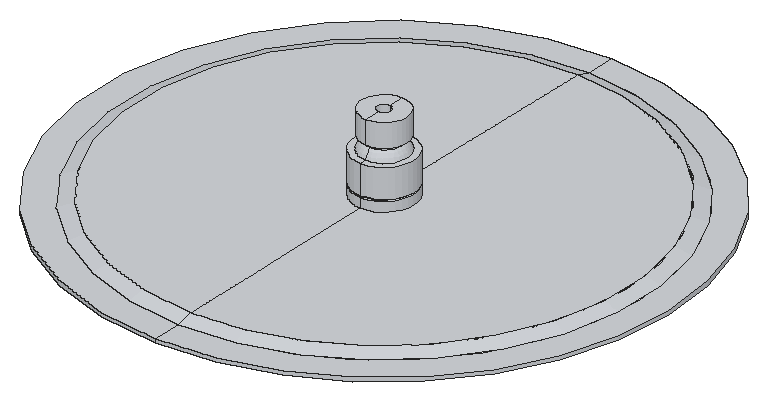
Revit family "BRG-GRF-DCH_ Briggs Reg. Red. Slim Inox Cr 30 cm", category Aparatos sanitarios, Revit 2020
Family settings
  Cota de conector redondo = Diámetro de uso
  Tipo de pieza = Normal
  Número OmniClass = 23.45.00.00
  Título OmniClass = Sanitary, Laundry, and Cleaning Equipment
  Se basa en plano de trabajo = No
  Siempre vertical = Sí
  Corte con vacíos al cargar = No
  Compartido = Sí
  Punto de cálculo de habitación = Sí
Parameters (values of type "REGADERA REDONDA SLIM 30 CM")
  _EDESA_ Sku/código = "SG0080023061CW"
  _EDESA_ Materiales = "Latón"
  _EDESA_ Garantía = "De por vida para el cuerpo principal y acabado en cromo (306)"
  _EDESA_ Cumple normativa ADA = ""
  _EDESA_ Contacto comercial = "(02) 395 2900"
  _EDESA_ Conexión hidráulica = "Entrada de agua: tubería ø 1/2\""
  _EDESA_ Certificación = "Cumple con norma NTE - INEN 3123 basada en la norma ASME 112.18.1 - 2012."
  _EDESA_ Productos necesarios para instalación = "Brazo de ducha"
  _EDESA_ Productos incluídos = ""
  _EDESA_ Color = "cromo"
  _EDESA_ Descripción = "Rejilla de piso decorativa."
  _EDESA_ Peso en kg = "1.8 kg"
  _EDESA_ Consumo/capacidad de agua en L = "9.5 litros por minuto / 2.5 gpm"
  _EDESA_ Distancia de instalación en cm (muro terminado) = "0"
  _EDESA_ Tipo de instalación = "Con brazo de ducha"
  _EDESA_ Profundidad en cm = "ø 30"
  _EDESA_ Categoría = "Productos > Grifería > Ducha"
  _EDESA_ BIM Manager = "Arq. Milton Ruano"
  _EDESA_ Autor BIM = "www.bimplus.com.ec (bimplus.arquitectura.integrada@gmail.com)"
  _EDESA_ Ancho en cm = ""
  _EDESA_ Alto en cm = "5.4"
  _EDESA_ Manual de Instalación = "https://www.briggs.com.ec/productos/instructivos/Briggs/Griferia/Regaderas_slim.pdf"
  _EDESA_ Nombre = "REGADERA REDONDA SLIM 30 CM"
  _ALT_Eje instalación = 0.60 m
  _ALT_Basamento = 0.85 m
  URL = "https://www.briggs.com.ec/productos/fichastecnicaspdf/Briggs/Griferia/Regadera_redonda_slim_30.pdf"
  Model = ""
  Type Image = (empty or 0)
  Fabricante = "BRIGGS Ecuador"
  Elevación por defecto = 0.00 m
  Conexión de ventilación = yes
  Conexión de residuos = yes
  Conexión AF = yes
  Conexión AC = yes
Reference planes (m)
  plane 1 "Centro (Frontal/Posterior)": y = 0
  plane 2: z = 0
  plane 3 "Centro (Izquierda/Derecha)": x = 0
Dimensions and locks (m)
  aligned and locked: level to plane 2
  aligned and locked: plane 3 "Centro (Izquierda/Derecha)" to nested 1
  aligned and locked: plane 1 "Centro (Frontal/Posterior)" to nested 1
Nested families (m)
  nested 1: "REJILLA" at (0, 0, 0), type "REJILLA"
Connectors (m)
  piping at (0, 0, 0), diameter 0.0127
    settings: on nested 1, index 1, connector inside diameter 609.6 mm, connector length 0.00 m, flow factor 0, pipe flow 0.0 L/s, pressure drop 0.0 Pa, fitting loss kfactor 0, connector angle 0.00°, fixture units 0, engagement length 0.00 m, angle of deflection 0.00°, flow configuration 0, flow direction 1, fitting loss method 0, system type 7, joint type 0, gender type 0, connector reference index -1, connector utility 0, adjustable connector no, is connector primary yes, connector description ""
Definition of nested family "REJILLA"
  Parameters (values of type "REJILLA")
    _EDESA_tipo genérico = "Inodoro"
    _EDESA_URL de ficha técnica = "https://edesa.com.ec/productos/fichastecnicaspdf/Edesa/Sanitarios/Andes.pdf"
    _EDESA_Imagen = 0
    _EDESA_Fábrica nacional = "EDESA Ecuador"
    _EDESA_Código de producto = "JS0022641301CE"
    _EDESA_ Tolerancia dimensional = "± 3% > 20 cm ± 5% < 20 cm"
    _EDESA_ Tipo de montaje / instalación = "30.5 cm"
    _EDESA_ Superficie del agua = "15.5 cm x 18.8 cm"
    _EDESA_ SKU = "JS0022641301CE"
    _EDESA_ Material secundario = "Plástico blanco"
    _EDESA_ Material principal = "Porcelana tono verde mist"
    _EDESA_ Altura = 72.80 m
    _EDESA_ Peso = "23.20 Kg"
    _EDESA_ Nivel mínimo del agua del tanque = "17.5 cm"
    _EDESA_ Largo = 67.50 m
    _EDESA_ Espesor mínimo = "0.6 cm"
    _EDESA_ Diámetro trampa = "4.8 cm"
    _EDESA_ Color = "Blanco"
    _EDESA_ Categoria = "Two pieces"
    _EDESA_ Capacidad / consumo de agua = "4.8 litros"
    _EDESA_ Ancho = 36.50 m
    _EDESA_ Altura de sello = "N/A"
    _ALT_Toma = 0.60 m
    _ALT_Meson = 0.85 m
    URL = "https://edesa.com.ec/productos/fichastecnicaspdf/Edesa/Sanitarios/Andes.pdf"
    Model = "_Edesa_ INODORO ANDES C/A BLANCO"
    Type Image = element 397381
    Manufacturer = "EDESA Ecuador"
    Default Elevation = 0.00 m
    Vent Connection = no
    Waste Connection = no
    CW Connection = no
    HW Connection = no
  Reference planes (m)
    plane 1 "Centro (Frontal/Posterior)": y = 0
    plane 2: z = 0
    plane 3 "Centro (Izquierda/Derecha)": x = 0
    plane 4 "_Alt_Altura de Meson": z = 0.85
    plane 5 "Centro I/E": z = 0.946565
    plane 6 "_RP_Eje": z = 0.6
  Forms (m)
    Revolve 1, solid
      sketch origin (0, 0, 0) x (0, 1, 0) y (0, 0, 1)
        loop
          line (0, -0.0445) -> (0.15, -0.0445) -> (0.15, -0.0425) -> (0.135, -0.0425) -> (0.1275, -0.04) -> (0.0155, -0.04) -> (0.0155, -0.035) -> (0.014314, -0.035) -> (0.014314, -0.034) -> (0.0155, -0.034) -> (0.0155, -0.019) -> (0.012, -0.019)
          arc (0.012, -0.019) -> (0.010905, -0.016389) -> (0.00925, -0.014092) r 0.0125
          line (0.00925, -0.014092) -> (0.00925, -0.012) -> (0.01175, -0.012) -> (0.01175, 0) -> (0.0035, 0) -> (0.0035, -0.005) -> (0, -0.005) -> (0, -0.0445)
        axis (0, -0.0445) -> (0, 0)
      angle from 0 to 360
    SweptBlend 2, solid
      path origin (-0.034028, 0.021274, 0) x (-0.309017, -0.951057, 0) y (0, 0, 1)
        loop
          line (-0.110116, -0.047486) -> (-0.110116, -0.0445)
      profile origin (0, 0.126, -0.047486) x (0.309017, 0.951057, 0) y (-0.951057, 0.309017, 0)
        loop
          circle (0, 0) r 0.0015
      end profile origin (0, 0.126, -0.0445) x (0.309017, 0.951057, 0) y (-0.951057, 0.309017, 0)
        loop
          circle (0, 0) r 0.0025
    SweptBlend 3, solid
      path origin (-0.037205, 0.015042, 0) x (-0.139173, -0.990268, 0) y (0, 0, 1)
        loop
          line (-0.110116, -0.047486) -> (-0.110116, -0.0445)
      profile origin (-0.02188, 0.124086, -0.047486) x (0.139173, 0.990268, 0) y (-0.990268, 0.139173, 0)
        loop
          circle (0, 0) r 0.0015
      end profile origin (-0.02188, 0.124086, -0.0445) x (0.139173, 0.990268, 0) y (-0.990268, 0.139173, 0)
        loop
          circle (0, 0) r 0.0025
    SweptBlend 4, solid
      path origin (-0.029816, 0.02686, 0) x (-0.469472, -0.882948, 0) y (0, 0, 1)
        loop
          line (-0.110116, -0.047486) -> (-0.110116, -0.0445)
      profile origin (0.02188, 0.124086, -0.047486) x (0.469472, 0.882948, 0) y (-0.882948, 0.469472, 0)
        loop
          circle (0, 0) r 0.0015
      end profile origin (0.02188, 0.124086, -0.0445) x (0.469472, 0.882948, 0) y (-0.882948, 0.469472, 0)
        loop
          circle (0, 0) r 0.0025
    SweptBlend 5, solid
      path origin (-0.024699, 0.031629, 0) x (-0.615661, -0.788011, 0) y (0, 0, 1)
        loop
          line (-0.110116, -0.047486) -> (-0.110116, -0.0445)
      profile origin (0.043095, 0.118401, -0.047486) x (0.615661, 0.788011, 0) y (-0.788011, 0.615661, 0)
        loop
          circle (0, 0) r 0.0015
      end profile origin (0.043095, 0.118401, -0.0445) x (0.615661, 0.788011, 0) y (-0.788011, 0.615661, 0)
        loop
          circle (0, 0) r 0.0025
    SweptBlend 6, solid
      path origin (-0.018832, 0.035438, 0) x (-0.743145, -0.669131, 0) y (0, 0, 1)
        loop
          line (-0.110116, -0.047486) -> (-0.110116, -0.0445)
      profile origin (0.063, 0.109119, -0.047486) x (0.743145, 0.669131, 0) y (-0.669131, 0.743145, 0)
        loop
          circle (0, 0) r 0.0015
      end profile origin (0.063, 0.109119, -0.0445) x (0.743145, 0.669131, 0) y (-0.669131, 0.743145, 0)
        loop
          circle (0, 0) r 0.0025
    SweptBlend 7, solid
      path origin (-0.012392, 0.038169, 0) x (-0.848048, -0.529919, 0) y (0, 0, 1)
        loop
          line (-0.110116, -0.047486) -> (-0.110116, -0.0445)
      profile origin (0.080991, 0.096522, -0.047486) x (0.848048, 0.529919, 0) y (-0.529919, 0.848048, 0)
        loop
          circle (0, 0) r 0.0015
      end profile origin (0.080991, 0.096522, -0.0445) x (0.848048, 0.529919, 0) y (-0.529919, 0.848048, 0)
        loop
          circle (0, 0) r 0.0025
    SweptBlend 8, solid
      path origin (-0.005576, 0.039741, 0) x (-0.927184, -0.374607, 0) y (0, 0, 1)
        loop
          line (-0.110116, -0.047486) -> (-0.110116, -0.0445)
      profile origin (0.096522, 0.080991, -0.047486) x (0.927184, 0.374607, 0) y (-0.374607, 0.927184, 0)
        loop
          circle (0, 0) r 0.0015
      end profile origin (0.096522, 0.080991, -0.0445) x (0.927184, 0.374607, 0) y (-0.374607, 0.927184, 0)
        loop
          circle (0, 0) r 0.0025
    SweptBlend 9, solid
      path origin (0.00141, 0.040106, 0) x (-0.978148, -0.207912, 0) y (0, 0, 1)
        loop
          line (-0.110116, -0.047486) -> (-0.110116, -0.0445)
      profile origin (0.109119, 0.063, -0.047486) x (0.978148, 0.207912, 0) y (-0.207912, 0.978148, 0)
        loop
          circle (0, 0) r 0.0015
      end profile origin (0.109119, 0.063, -0.0445) x (0.978148, 0.207912, 0) y (-0.207912, 0.978148, 0)
        loop
          circle (0, 0) r 0.0025
    SweptBlend 10, solid
      path origin (0.008353, 0.039252, 0) x (-0.999391, -0.034899, 0) y (0, 0, 1)
        loop
          line (-0.110116, -0.047486) -> (-0.110116, -0.0445)
      profile origin (0.118401, 0.043095, -0.047486) x (0.999391, 0.034899, 0) y (-0.034899, 0.999391, 0)
        loop
          circle (0, 0) r 0.0015
      end profile origin (0.118401, 0.043095, -0.0445) x (0.999391, 0.034899, 0) y (-0.034899, 0.999391, 0)
        loop
          circle (0, 0) r 0.0025
    SweptBlend 11, solid
      path origin (0.015042, 0.037205, 0) x (-0.990268, 0.139173, 0) y (0, 0, 1)
        loop
          line (-0.110116, -0.047486) -> (-0.110116, -0.0445)
      profile origin (0.124086, 0.02188, -0.047486) x (0.990268, -0.139173, 0) y (0.139173, 0.990268, 0)
        loop
          circle (0, 0) r 0.0015
      end profile origin (0.124086, 0.02188, -0.0445) x (0.990268, -0.139173, 0) y (0.139173, 0.990268, 0)
        loop
          circle (0, 0) r 0.0025
    SweptBlend 12, solid
      path origin (0.021274, 0.034028, 0) x (-0.951057, 0.309017, 0) y (0, 0, 1)
        loop
          line (-0.110116, -0.047486) -> (-0.110116, -0.0445)
      profile origin (0.126, 0, -0.047486) x (0.951057, -0.309017, 0) y (0.309017, 0.951057, 0)
        loop
          circle (0, 0) r 0.0015
      end profile origin (0.126, 0, -0.0445) x (0.951057, -0.309017, 0) y (0.309017, 0.951057, 0)
        loop
          circle (0, 0) r 0.0025
    SweptBlend 13, solid
      path origin (0.02686, 0.029816, 0) x (-0.882948, 0.469472, 0) y (0, 0, 1)
        loop
          line (-0.110116, -0.047486) -> (-0.110116, -0.0445)
      profile origin (0.124086, -0.02188, -0.047486) x (0.882948, -0.469472, 0) y (0.469472, 0.882948, 0)
        loop
          circle (0, 0) r 0.0015
      end profile origin (0.124086, -0.02188, -0.0445) x (0.882948, -0.469472, 0) y (0.469472, 0.882948, 0)
        loop
          circle (0, 0) r 0.0025
    SweptBlend 14, solid
      path origin (0.031629, 0.024699, 0) x (-0.788011, 0.615661, 0) y (0, 0, 1)
        loop
          line (-0.110116, -0.047486) -> (-0.110116, -0.0445)
      profile origin (0.118401, -0.043095, -0.047486) x (0.788011, -0.615661, 0) y (0.615661, 0.788011, 0)
        loop
          circle (0, 0) r 0.0015
      end profile origin (0.118401, -0.043095, -0.0445) x (0.788011, -0.615661, 0) y (0.615661, 0.788011, 0)
        loop
          circle (0, 0) r 0.0025
    SweptBlend 15, solid
      path origin (0.035438, 0.018832, 0) x (-0.669131, 0.743145, 0) y (0, 0, 1)
        loop
          line (-0.110116, -0.047486) -> (-0.110116, -0.0445)
      profile origin (0.109119, -0.063, -0.047486) x (0.669131, -0.743145, 0) y (0.743145, 0.669131, 0)
        loop
          circle (0, 0) r 0.0015
      end profile origin (0.109119, -0.063, -0.0445) x (0.669131, -0.743145, 0) y (0.743145, 0.669131, 0)
        loop
          circle (0, 0) r 0.0025
    SweptBlend 16, solid
      path origin (0.038169, 0.012392, 0) x (-0.529919, 0.848048, 0) y (0, 0, 1)
        loop
          line (-0.110116, -0.047486) -> (-0.110116, -0.0445)
      profile origin (0.096522, -0.080991, -0.047486) x (0.529919, -0.848048, 0) y (0.848048, 0.529919, 0)
        loop
          circle (0, 0) r 0.0015
      end profile origin (0.096522, -0.080991, -0.0445) x (0.529919, -0.848048, 0) y (0.848048, 0.529919, 0)
        loop
          circle (0, 0) r 0.0025
    SweptBlend 17, solid
      path origin (0.039741, 0.005576, 0) x (-0.374607, 0.927184, 0) y (0, 0, 1)
        loop
          line (-0.110116, -0.047486) -> (-0.110116, -0.0445)
      profile origin (0.080991, -0.096522, -0.047486) x (0.374607, -0.927184, 0) y (0.927184, 0.374607, 0)
        loop
          circle (0, 0) r 0.0015
      end profile origin (0.080991, -0.096522, -0.0445) x (0.374607, -0.927184, 0) y (0.927184, 0.374607, 0)
        loop
          circle (0, 0) r 0.0025
    SweptBlend 18, solid
      path origin (0.040106, -0.00141, 0) x (-0.207912, 0.978148, 0) y (0, 0, 1)
        loop
          line (-0.110116, -0.047486) -> (-0.110116, -0.0445)
      profile origin (0.063, -0.109119, -0.047486) x (0.207912, -0.978148, 0) y (0.978148, 0.207912, 0)
        loop
          circle (0, 0) r 0.0015
      end profile origin (0.063, -0.109119, -0.0445) x (0.207912, -0.978148, 0) y (0.978148, 0.207912, 0)
        loop
          circle (0, 0) r 0.0025
    SweptBlend 19, solid
      path origin (0.039252, -0.008353, 0) x (-0.034899, 0.999391, 0) y (0, 0, 1)
        loop
          line (-0.110116, -0.047486) -> (-0.110116, -0.0445)
      profile origin (0.043095, -0.118401, -0.047486) x (0.034899, -0.999391, 0) y (0.999391, 0.034899, 0)
        loop
          circle (0, 0) r 0.0015
      end profile origin (0.043095, -0.118401, -0.0445) x (0.034899, -0.999391, 0) y (0.999391, 0.034899, 0)
        loop
          circle (0, 0) r 0.0025
    SweptBlend 20, solid
      path origin (0.037205, -0.015042, 0) x (0.139173, 0.990268, 0) y (0, 0, 1)
        loop
          line (-0.110116, -0.047486) -> (-0.110116, -0.0445)
      profile origin (0.02188, -0.124086, -0.047486) x (-0.139173, -0.990268, 0) y (0.990268, -0.139173, 0)
        loop
          circle (0, 0) r 0.0015
      end profile origin (0.02188, -0.124086, -0.0445) x (-0.139173, -0.990268, 0) y (0.990268, -0.139173, 0)
        loop
          circle (0, 0) r 0.0025
    SweptBlend 21, solid
      path origin (0.034028, -0.021274, 0) x (0.309017, 0.951057, 0) y (0, 0, 1)
        loop
          line (-0.110116, -0.047486) -> (-0.110116, -0.0445)
      profile origin (0, -0.126, -0.047486) x (-0.309017, -0.951057, 0) y (0.951057, -0.309017, 0)
        loop
          circle (0, 0) r 0.0015
      end profile origin (0, -0.126, -0.0445) x (-0.309017, -0.951057, 0) y (0.951057, -0.309017, 0)
        loop
          circle (0, 0) r 0.0025
    SweptBlend 22, solid
      path origin (0.029816, -0.02686, 0) x (0.469472, 0.882948, 0) y (0, 0, 1)
        loop
          line (-0.110116, -0.047486) -> (-0.110116, -0.0445)
      profile origin (-0.02188, -0.124086, -0.047486) x (-0.469472, -0.882948, 0) y (0.882948, -0.469472, 0)
        loop
          circle (0, 0) r 0.0015
      end profile origin (-0.02188, -0.124086, -0.0445) x (-0.469472, -0.882948, 0) y (0.882948, -0.469472, 0)
        loop
          circle (0, 0) r 0.0025
    SweptBlend 23, solid
      path origin (0.024699, -0.031629, 0) x (0.615661, 0.788011, 0) y (0, 0, 1)
        loop
          line (-0.110116, -0.047486) -> (-0.110116, -0.0445)
      profile origin (-0.043095, -0.118401, -0.047486) x (-0.615661, -0.788011, 0) y (0.788011, -0.615661, 0)
        loop
          circle (0, 0) r 0.0015
      end profile origin (-0.043095, -0.118401, -0.0445) x (-0.615661, -0.788011, 0) y (0.788011, -0.615661, 0)
        loop
          circle (0, 0) r 0.0025
    SweptBlend 24, solid
      path origin (0.018832, -0.035438, 0) x (0.743145, 0.669131, 0) y (0, 0, 1)
        loop
          line (-0.110116, -0.047486) -> (-0.110116, -0.0445)
      profile origin (-0.063, -0.109119, -0.047486) x (-0.743145, -0.669131, 0) y (0.669131, -0.743145, 0)
        loop
          circle (0, 0) r 0.0015
      end profile origin (-0.063, -0.109119, -0.0445) x (-0.743145, -0.669131, 0) y (0.669131, -0.743145, 0)
        loop
          circle (0, 0) r 0.0025
    SweptBlend 25, solid
      path origin (0.012392, -0.038169, 0) x (0.848048, 0.529919, 0) y (0, 0, 1)
        loop
          line (-0.110116, -0.047486) -> (-0.110116, -0.0445)
      profile origin (-0.080991, -0.096522, -0.047486) x (-0.848048, -0.529919, 0) y (0.529919, -0.848048, 0)
        loop
          circle (0, 0) r 0.0015
      end profile origin (-0.080991, -0.096522, -0.0445) x (-0.848048, -0.529919, 0) y (0.529919, -0.848048, 0)
        loop
          circle (0, 0) r 0.0025
    SweptBlend 26, solid
      path origin (0.005576, -0.039741, 0) x (0.927184, 0.374607, 0) y (0, 0, 1)
        loop
          line (-0.110116, -0.047486) -> (-0.110116, -0.0445)
      profile origin (-0.096522, -0.080991, -0.047486) x (-0.927184, -0.374607, 0) y (0.374607, -0.927184, 0)
        loop
          circle (0, 0) r 0.0015
      end profile origin (-0.096522, -0.080991, -0.0445) x (-0.927184, -0.374607, 0) y (0.374607, -0.927184, 0)
        loop
          circle (0, 0) r 0.0025
    SweptBlend 27, solid
      path origin (-0.00141, -0.040106, 0) x (0.978148, 0.207912, 0) y (0, 0, 1)
        loop
          line (-0.110116, -0.047486) -> (-0.110116, -0.0445)
      profile origin (-0.109119, -0.063, -0.047486) x (-0.978148, -0.207912, 0) y (0.207912, -0.978148, 0)
        loop
          circle (0, 0) r 0.0015
      end profile origin (-0.109119, -0.063, -0.0445) x (-0.978148, -0.207912, 0) y (0.207912, -0.978148, 0)
        loop
          circle (0, 0) r 0.0025
    SweptBlend 28, solid
      path origin (-0.008353, -0.039252, 0) x (0.999391, 0.034899, 0) y (0, 0, 1)
        loop
          line (-0.110116, -0.047486) -> (-0.110116, -0.0445)
      profile origin (-0.118401, -0.043095, -0.047486) x (-0.999391, -0.034899, 0) y (0.034899, -0.999391, 0)
        loop
          circle (0, 0) r 0.0015
      end profile origin (-0.118401, -0.043095, -0.0445) x (-0.999391, -0.034899, 0) y (0.034899, -0.999391, 0)
        loop
          circle (0, 0) r 0.0025
    SweptBlend 29, solid
      path origin (-0.015042, -0.037205, 0) x (0.990268, -0.139173, 0) y (0, 0, 1)
        loop
          line (-0.110116, -0.047486) -> (-0.110116, -0.0445)
      profile origin (-0.124086, -0.02188, -0.047486) x (-0.990268, 0.139173, 0) y (-0.139173, -0.990268, 0)
        loop
          circle (0, 0) r 0.0015
      end profile origin (-0.124086, -0.02188, -0.0445) x (-0.990268, 0.139173, 0) y (-0.139173, -0.990268, 0)
        loop
          circle (0, 0) r 0.0025
    SweptBlend 30, solid
      path origin (-0.021274, -0.034028, 0) x (0.951057, -0.309017, 0) y (0, 0, 1)
        loop
          line (-0.110116, -0.047486) -> (-0.110116, -0.0445)
      profile origin (-0.126, 0, -0.047486) x (-0.951057, 0.309017, 0) y (-0.309017, -0.951057, 0)
        loop
          circle (0, 0) r 0.0015
      end profile origin (-0.126, 0, -0.0445) x (-0.951057, 0.309017, 0) y (-0.309017, -0.951057, 0)
        loop
          circle (0, 0) r 0.0025
    SweptBlend 31, solid
      path origin (-0.02686, -0.029816, 0) x (0.882948, -0.469472, 0) y (0, 0, 1)
        loop
          line (-0.110116, -0.047486) -> (-0.110116, -0.0445)
      profile origin (-0.124086, 0.02188, -0.047486) x (-0.882948, 0.469472, 0) y (-0.469472, -0.882948, 0)
        loop
          circle (0, 0) r 0.0015
      end profile origin (-0.124086, 0.02188, -0.0445) x (-0.882948, 0.469472, 0) y (-0.469472, -0.882948, 0)
        loop
          circle (0, 0) r 0.0025
    SweptBlend 32, solid
      path origin (-0.031629, -0.024699, 0) x (0.788011, -0.615661, 0) y (0, 0, 1)
        loop
          line (-0.110116, -0.047486) -> (-0.110116, -0.0445)
      profile origin (-0.118401, 0.043095, -0.047486) x (-0.788011, 0.615661, 0) y (-0.615661, -0.788011, 0)
        loop
          circle (0, 0) r 0.0015
      end profile origin (-0.118401, 0.043095, -0.0445) x (-0.788011, 0.615661, 0) y (-0.615661, -0.788011, 0)
        loop
          circle (0, 0) r 0.0025
    SweptBlend 33, solid
      path origin (-0.035438, -0.018832, 0) x (0.669131, -0.743145, 0) y (0, 0, 1)
        loop
          line (-0.110116, -0.047486) -> (-0.110116, -0.0445)
      profile origin (-0.109119, 0.063, -0.047486) x (-0.669131, 0.743145, 0) y (-0.743145, -0.669131, 0)
        loop
          circle (0, 0) r 0.0015
      end profile origin (-0.109119, 0.063, -0.0445) x (-0.669131, 0.743145, 0) y (-0.743145, -0.669131, 0)
        loop
          circle (0, 0) r 0.0025
    SweptBlend 34, solid
      path origin (-0.038169, -0.012392, 0) x (0.529919, -0.848048, 0) y (0, 0, 1)
        loop
          line (-0.110116, -0.047486) -> (-0.110116, -0.0445)
      profile origin (-0.096522, 0.080991, -0.047486) x (-0.529919, 0.848048, 0) y (-0.848048, -0.529919, 0)
        loop
          circle (0, 0) r 0.0015
      end profile origin (-0.096522, 0.080991, -0.0445) x (-0.529919, 0.848048, 0) y (-0.848048, -0.529919, 0)
        loop
          circle (0, 0) r 0.0025
    SweptBlend 35, solid
      path origin (-0.039741, -0.005576, 0) x (0.374607, -0.927184, 0) y (0, 0, 1)
        loop
          line (-0.110116, -0.047486) -> (-0.110116, -0.0445)
      profile origin (-0.080991, 0.096522, -0.047486) x (-0.374607, 0.927184, 0) y (-0.927184, -0.374607, 0)
        loop
          circle (0, 0) r 0.0015
      end profile origin (-0.080991, 0.096522, -0.0445) x (-0.374607, 0.927184, 0) y (-0.927184, -0.374607, 0)
        loop
          circle (0, 0) r 0.0025
    SweptBlend 36, solid
      path origin (-0.040106, 0.00141, 0) x (0.207912, -0.978148, 0) y (0, 0, 1)
        loop
          line (-0.110116, -0.047486) -> (-0.110116, -0.0445)
      profile origin (-0.063, 0.109119, -0.047486) x (-0.207912, 0.978148, 0) y (-0.978148, -0.207912, 0)
        loop
          circle (0, 0) r 0.0015
      end profile origin (-0.063, 0.109119, -0.0445) x (-0.207912, 0.978148, 0) y (-0.978148, -0.207912, 0)
        loop
          circle (0, 0) r 0.0025
    SweptBlend 37, solid
      path origin (-0.039252, 0.008353, 0) x (0.034899, -0.999391, 0) y (0, 0, 1)
        loop
          line (-0.110116, -0.047486) -> (-0.110116, -0.0445)
      profile origin (-0.043095, 0.118401, -0.047486) x (-0.034899, 0.999391, 0) y (-0.999391, -0.034899, 0)
        loop
          circle (0, 0) r 0.0015
      end profile origin (-0.043095, 0.118401, -0.0445) x (-0.034899, 0.999391, 0) y (-0.999391, -0.034899, 0)
        loop
          circle (0, 0) r 0.0025
    SweptBlend 38, solid
      path origin (-0.034028, -0.019726, 0) x (-0.309017, -0.951057, 0) y (0, 0, 1)
        loop
          line (-0.110116, -0.047486) -> (-0.110116, -0.0445)
      profile origin (0, 0.085, -0.047486) x (0.309017, 0.951057, 0) y (-0.951057, 0.309017, 0)
        loop
          circle (0, 0) r 0.0015
      end profile origin (0, 0.085, -0.0445) x (0.309017, 0.951057, 0) y (-0.951057, 0.309017, 0)
        loop
          circle (0, 0) r 0.0025
    SweptBlend 39, solid
      path origin (-0.034028, -0.061726, 0) x (-0.309017, -0.951057, 0) y (0, 0, 1)
        loop
          line (-0.110116, -0.047486) -> (-0.110116, -0.0445)
      profile origin (0, 0.043, -0.047486) x (0.309017, 0.951057, 0) y (-0.951057, 0.309017, 0)
        loop
          circle (0, 0) r 0.0015
      end profile origin (0, 0.043, -0.0445) x (0.309017, 0.951057, 0) y (-0.951057, 0.309017, 0)
        loop
          circle (0, 0) r 0.0025
    SweptBlend 40, solid
      path origin (-0.027763, -0.027861, 0) x (-0.052336, -0.99863, 0) y (0, 0, 1)
        loop
          line (-0.110116, -0.047486) -> (-0.110116, -0.0445)
      profile origin (-0.022, 0.082104, -0.047486) x (0.052336, 0.99863, 0) y (-0.99863, 0.052336, 0)
        loop
          circle (0, 0) r 0.0015
      end profile origin (-0.022, 0.082104, -0.0445) x (0.052336, 0.99863, 0) y (-0.99863, 0.052336, 0)
        loop
          circle (0, 0) r 0.0025
    SweptBlend 41, solid
      path origin (-0.037974, -0.010247, 0) x (-0.544639, -0.838671, 0) y (0, 0, 1)
        loop
          line (-0.110116, -0.047486) -> (-0.110116, -0.0445)
      profile origin (0.022, 0.082104, -0.047486) x (0.544639, 0.838671, 0) y (-0.838671, 0.544639, 0)
        loop
          circle (0, 0) r 0.0015
      end profile origin (0.022, 0.082104, -0.0445) x (0.544639, 0.838671, 0) y (-0.838671, 0.544639, 0)
        loop
          circle (0, 0) r 0.0025
    SweptBlend 42, solid
      path origin (-0.039332, -0.00007, 0) x (-0.743145, -0.669131, 0) y (0, 0, 1)
        loop
          line (-0.110116, -0.047486) -> (-0.110116, -0.0445)
      profile origin (0.0425, 0.073612, -0.047486) x (0.743145, 0.669131, 0) y (-0.669131, 0.743145, 0)
        loop
          circle (0, 0) r 0.0015
      end profile origin (0.0425, 0.073612, -0.0445) x (0.743145, 0.669131, 0) y (-0.669131, 0.743145, 0)
        loop
          circle (0, 0) r 0.0025
    SweptBlend 43, solid
      path origin (-0.03801, 0.010113, 0) x (-0.891007, -0.45399, 0) y (0, 0, 1)
        loop
          line (-0.110116, -0.047486) -> (-0.110116, -0.0445)
      profile origin (0.060104, 0.060104, -0.047486) x (0.891007, 0.45399, 0) y (-0.45399, 0.891007, 0)
        loop
          circle (0, 0) r 0.0015
      end profile origin (0.060104, 0.060104, -0.0445) x (0.891007, 0.45399, 0) y (-0.45399, 0.891007, 0)
        loop
          circle (0, 0) r 0.0025
    SweptBlend 44, solid
      path origin (-0.034097, 0.019606, 0) x (-0.978148, -0.207912, 0) y (0, 0, 1)
        loop
          line (-0.110116, -0.047486) -> (-0.110116, -0.0445)
      profile origin (0.073612, 0.0425, -0.047486) x (0.978148, 0.207912, 0) y (-0.207912, 0.978148, 0)
        loop
          circle (0, 0) r 0.0015
      end profile origin (0.073612, 0.0425, -0.0445) x (0.978148, 0.207912, 0) y (-0.207912, 0.978148, 0)
        loop
          circle (0, 0) r 0.0025
    SweptBlend 45, solid
      path origin (-0.027861, 0.027763, 0) x (-0.99863, 0.052336, 0) y (0, 0, 1)
        loop
          line (-0.110116, -0.047486) -> (-0.110116, -0.0445)
      profile origin (0.082104, 0.022, -0.047486) x (0.99863, -0.052336, 0) y (0.052336, 0.99863, 0)
        loop
          circle (0, 0) r 0.0015
      end profile origin (0.082104, 0.022, -0.0445) x (0.99863, -0.052336, 0) y (0.052336, 0.99863, 0)
        loop
          circle (0, 0) r 0.0025
    SweptBlend 46, solid
      path origin (-0.019726, 0.034028, 0) x (-0.951057, 0.309017, 0) y (0, 0, 1)
        loop
          line (-0.110116, -0.047486) -> (-0.110116, -0.0445)
      profile origin (0.085, 0, -0.047486) x (0.951057, -0.309017, 0) y (0.309017, 0.951057, 0)
        loop
          circle (0, 0) r 0.0015
      end profile origin (0.085, 0, -0.0445) x (0.951057, -0.309017, 0) y (0.309017, 0.951057, 0)
        loop
          circle (0, 0) r 0.0025
    SweptBlend 47, solid
      path origin (-0.010247, 0.037974, 0) x (-0.838671, 0.544639, 0) y (0, 0, 1)
        loop
          line (-0.110116, -0.047486) -> (-0.110116, -0.0445)
      profile origin (0.082104, -0.022, -0.047486) x (0.838671, -0.544639, 0) y (0.544639, 0.838671, 0)
        loop
          circle (0, 0) r 0.0015
      end profile origin (0.082104, -0.022, -0.0445) x (0.838671, -0.544639, 0) y (0.544639, 0.838671, 0)
        loop
          circle (0, 0) r 0.0025
    SweptBlend 48, solid
      path origin (-0.00007, 0.039332, 0) x (-0.669131, 0.743145, 0) y (0, 0, 1)
        loop
          line (-0.110116, -0.047486) -> (-0.110116, -0.0445)
      profile origin (0.073612, -0.0425, -0.047486) x (0.669131, -0.743145, 0) y (0.743145, 0.669131, 0)
        loop
          circle (0, 0) r 0.0015
      end profile origin (0.073612, -0.0425, -0.0445) x (0.669131, -0.743145, 0) y (0.743145, 0.669131, 0)
        loop
          circle (0, 0) r 0.0025
    SweptBlend 49, solid
      path origin (0.010113, 0.03801, 0) x (-0.45399, 0.891007, 0) y (0, 0, 1)
        loop
          line (-0.110116, -0.047486) -> (-0.110116, -0.0445)
      profile origin (0.060104, -0.060104, -0.047486) x (0.45399, -0.891007, 0) y (0.891007, 0.45399, 0)
        loop
          circle (0, 0) r 0.0015
      end profile origin (0.060104, -0.060104, -0.0445) x (0.45399, -0.891007, 0) y (0.891007, 0.45399, 0)
        loop
          circle (0, 0) r 0.0025
    SweptBlend 50, solid
      path origin (0.019606, 0.034097, 0) x (-0.207912, 0.978148, 0) y (0, 0, 1)
        loop
          line (-0.110116, -0.047486) -> (-0.110116, -0.0445)
      profile origin (0.0425, -0.073612, -0.047486) x (0.207912, -0.978148, 0) y (0.978148, 0.207912, 0)
        loop
          circle (0, 0) r 0.0015
      end profile origin (0.0425, -0.073612, -0.0445) x (0.207912, -0.978148, 0) y (0.978148, 0.207912, 0)
        loop
          circle (0, 0) r 0.0025
    SweptBlend 51, solid
      path origin (0.027763, 0.027861, 0) x (0.052336, 0.99863, 0) y (0, 0, 1)
        loop
          line (-0.110116, -0.047486) -> (-0.110116, -0.0445)
      profile origin (0.022, -0.082104, -0.047486) x (-0.052336, -0.99863, 0) y (0.99863, -0.052336, 0)
        loop
          circle (0, 0) r 0.0015
      end profile origin (0.022, -0.082104, -0.0445) x (-0.052336, -0.99863, 0) y (0.99863, -0.052336, 0)
        loop
          circle (0, 0) r 0.0025
    SweptBlend 52, solid
      path origin (0.034028, 0.019726, 0) x (0.309017, 0.951057, 0) y (0, 0, 1)
        loop
          line (-0.110116, -0.047486) -> (-0.110116, -0.0445)
      profile origin (0, -0.085, -0.047486) x (-0.309017, -0.951057, 0) y (0.951057, -0.309017, 0)
        loop
          circle (0, 0) r 0.0015
      end profile origin (0, -0.085, -0.0445) x (-0.309017, -0.951057, 0) y (0.951057, -0.309017, 0)
        loop
          circle (0, 0) r 0.0025
    SweptBlend 53, solid
      path origin (0.037974, 0.010247, 0) x (0.544639, 0.838671, 0) y (0, 0, 1)
        loop
          line (-0.110116, -0.047486) -> (-0.110116, -0.0445)
      profile origin (-0.022, -0.082104, -0.047486) x (-0.544639, -0.838671, 0) y (0.838671, -0.544639, 0)
        loop
          circle (0, 0) r 0.0015
      end profile origin (-0.022, -0.082104, -0.0445) x (-0.544639, -0.838671, 0) y (0.838671, -0.544639, 0)
        loop
          circle (0, 0) r 0.0025
    SweptBlend 54, solid
      path origin (0.039332, 0.00007, 0) x (0.743145, 0.669131, 0) y (0, 0, 1)
        loop
          line (-0.110116, -0.047486) -> (-0.110116, -0.0445)
      profile origin (-0.0425, -0.073612, -0.047486) x (-0.743145, -0.669131, 0) y (0.669131, -0.743145, 0)
        loop
          circle (0, 0) r 0.0015
      end profile origin (-0.0425, -0.073612, -0.0445) x (-0.743145, -0.669131, 0) y (0.669131, -0.743145, 0)
        loop
          circle (0, 0) r 0.0025
    SweptBlend 55, solid
      path origin (0.03801, -0.010113, 0) x (0.891007, 0.45399, 0) y (0, 0, 1)
        loop
          line (-0.110116, -0.047486) -> (-0.110116, -0.0445)
      profile origin (-0.060104, -0.060104, -0.047486) x (-0.891007, -0.45399, 0) y (0.45399, -0.891007, 0)
        loop
          circle (0, 0) r 0.0015
      end profile origin (-0.060104, -0.060104, -0.0445) x (-0.891007, -0.45399, 0) y (0.45399, -0.891007, 0)
        loop
          circle (0, 0) r 0.0025
    SweptBlend 56, solid
      path origin (0.034097, -0.019606, 0) x (0.978148, 0.207912, 0) y (0, 0, 1)
        loop
          line (-0.110116, -0.047486) -> (-0.110116, -0.0445)
      profile origin (-0.073612, -0.0425, -0.047486) x (-0.978148, -0.207912, 0) y (0.207912, -0.978148, 0)
        loop
          circle (0, 0) r 0.0015
      end profile origin (-0.073612, -0.0425, -0.0445) x (-0.978148, -0.207912, 0) y (0.207912, -0.978148, 0)
        loop
          circle (0, 0) r 0.0025
    SweptBlend 57, solid
      path origin (0.027861, -0.027763, 0) x (0.99863, -0.052336, 0) y (0, 0, 1)
        loop
          line (-0.110116, -0.047486) -> (-0.110116, -0.0445)
      profile origin (-0.082104, -0.022, -0.047486) x (-0.99863, 0.052336, 0) y (-0.052336, -0.99863, 0)
        loop
          circle (0, 0) r 0.0015
      end profile origin (-0.082104, -0.022, -0.0445) x (-0.99863, 0.052336, 0) y (-0.052336, -0.99863, 0)
        loop
          circle (0, 0) r 0.0025
    SweptBlend 58, solid
      path origin (0.019726, -0.034028, 0) x (0.951057, -0.309017, 0) y (0, 0, 1)
        loop
          line (-0.110116, -0.047486) -> (-0.110116, -0.0445)
      profile origin (-0.085, 0, -0.047486) x (-0.951057, 0.309017, 0) y (-0.309017, -0.951057, 0)
        loop
          circle (0, 0) r 0.0015
      end profile origin (-0.085, 0, -0.0445) x (-0.951057, 0.309017, 0) y (-0.309017, -0.951057, 0)
        loop
          circle (0, 0) r 0.0025
    SweptBlend 59, solid
      path origin (0.010247, -0.037974, 0) x (0.838671, -0.544639, 0) y (0, 0, 1)
        loop
          line (-0.110116, -0.047486) -> (-0.110116, -0.0445)
      profile origin (-0.082104, 0.022, -0.047486) x (-0.838671, 0.544639, 0) y (-0.544639, -0.838671, 0)
        loop
          circle (0, 0) r 0.0015
      end profile origin (-0.082104, 0.022, -0.0445) x (-0.838671, 0.544639, 0) y (-0.544639, -0.838671, 0)
        loop
          circle (0, 0) r 0.0025
    SweptBlend 60, solid
      path origin (0.00007, -0.039332, 0) x (0.669131, -0.743145, 0) y (0, 0, 1)
        loop
          line (-0.110116, -0.047486) -> (-0.110116, -0.0445)
      profile origin (-0.073612, 0.0425, -0.047486) x (-0.669131, 0.743145, 0) y (-0.743145, -0.669131, 0)
        loop
          circle (0, 0) r 0.0015
      end profile origin (-0.073612, 0.0425, -0.0445) x (-0.669131, 0.743145, 0) y (-0.743145, -0.669131, 0)
        loop
          circle (0, 0) r 0.0025
    SweptBlend 61, solid
      path origin (-0.010113, -0.03801, 0) x (0.45399, -0.891007, 0) y (0, 0, 1)
        loop
          line (-0.110116, -0.047486) -> (-0.110116, -0.0445)
      profile origin (-0.060104, 0.060104, -0.047486) x (-0.45399, 0.891007, 0) y (-0.891007, -0.45399, 0)
        loop
          circle (0, 0) r 0.0015
      end profile origin (-0.060104, 0.060104, -0.0445) x (-0.45399, 0.891007, 0) y (-0.891007, -0.45399, 0)
        loop
          circle (0, 0) r 0.0025
    SweptBlend 62, solid
      path origin (-0.019606, -0.034097, 0) x (0.207912, -0.978148, 0) y (0, 0, 1)
        loop
          line (-0.110116, -0.047486) -> (-0.110116, -0.0445)
      profile origin (-0.0425, 0.073612, -0.047486) x (-0.207912, 0.978148, 0) y (-0.978148, -0.207912, 0)
        loop
          circle (0, 0) r 0.0015
      end profile origin (-0.0425, 0.073612, -0.0445) x (-0.207912, 0.978148, 0) y (-0.978148, -0.207912, 0)
        loop
          circle (0, 0) r 0.0025
    SweptBlend 63, solid
      path origin (0.001394, -0.07047, 0) x (0.207912, -0.978148, 0) y (0, 0, 1)
        loop
          line (-0.110116, -0.047486) -> (-0.110116, -0.0445)
      profile origin (-0.0215, 0.037239, -0.047486) x (-0.207912, 0.978148, 0) y (-0.978148, -0.207912, 0)
        loop
          circle (0, 0) r 0.0015
      end profile origin (-0.0215, 0.037239, -0.0445) x (-0.207912, 0.978148, 0) y (-0.978148, -0.207912, 0)
        loop
          circle (0, 0) r 0.0025
    SweptBlend 64, solid
      path origin (-0.060332, -0.036443, 0) x (-0.743145, -0.669131, 0) y (0, 0, 1)
        loop
          line (-0.110116, -0.047486) -> (-0.110116, -0.0445)
      profile origin (0.0215, 0.037239, -0.047486) x (0.743145, 0.669131, 0) y (-0.669131, 0.743145, 0)
        loop
          circle (0, 0) r 0.0015
      end profile origin (0.0215, 0.037239, -0.0445) x (0.743145, 0.669131, 0) y (-0.669131, 0.743145, 0)
        loop
          circle (0, 0) r 0.0025
    SweptBlend 65, solid
      path origin (-0.07047, -0.001394, 0) x (-0.978148, -0.207912, 0) y (0, 0, 1)
        loop
          line (-0.110116, -0.047486) -> (-0.110116, -0.0445)
      profile origin (0.037239, 0.0215, -0.047486) x (0.978148, 0.207912, 0) y (-0.207912, 0.978148, 0)
        loop
          circle (0, 0) r 0.0015
      end profile origin (0.037239, 0.0215, -0.0445) x (0.978148, 0.207912, 0) y (-0.207912, 0.978148, 0)
        loop
          circle (0, 0) r 0.0025
    SweptBlend 66, solid
      path origin (-0.061726, 0.034028, 0) x (-0.951057, 0.309017, 0) y (0, 0, 1)
        loop
          line (-0.110116, -0.047486) -> (-0.110116, -0.0445)
      profile origin (0.043, 0, -0.047486) x (0.951057, -0.309017, 0) y (0.309017, 0.951057, 0)
        loop
          circle (0, 0) r 0.0015
      end profile origin (0.043, 0, -0.0445) x (0.951057, -0.309017, 0) y (0.309017, 0.951057, 0)
        loop
          circle (0, 0) r 0.0025
    SweptBlend 67, solid
      path origin (-0.036443, 0.060332, 0) x (-0.669131, 0.743145, 0) y (0, 0, 1)
        loop
          line (-0.110116, -0.047486) -> (-0.110116, -0.0445)
      profile origin (0.037239, -0.0215, -0.047486) x (0.669131, -0.743145, 0) y (0.743145, 0.669131, 0)
        loop
          circle (0, 0) r 0.0015
      end profile origin (0.037239, -0.0215, -0.0445) x (0.669131, -0.743145, 0) y (0.743145, 0.669131, 0)
        loop
          circle (0, 0) r 0.0025
    SweptBlend 68, solid
      path origin (-0.001394, 0.07047, 0) x (-0.207912, 0.978148, 0) y (0, 0, 1)
        loop
          line (-0.110116, -0.047486) -> (-0.110116, -0.0445)
      profile origin (0.0215, -0.037239, -0.047486) x (0.207912, -0.978148, 0) y (0.978148, 0.207912, 0)
        loop
          circle (0, 0) r 0.0015
      end profile origin (0.0215, -0.037239, -0.0445) x (0.207912, -0.978148, 0) y (0.978148, 0.207912, 0)
        loop
          circle (0, 0) r 0.0025
    SweptBlend 69, solid
      path origin (0.034028, 0.061726, 0) x (0.309017, 0.951057, 0) y (0, 0, 1)
        loop
          line (-0.110116, -0.047486) -> (-0.110116, -0.0445)
      profile origin (0, -0.043, -0.047486) x (-0.309017, -0.951057, 0) y (0.951057, -0.309017, 0)
        loop
          circle (0, 0) r 0.0015
      end profile origin (0, -0.043, -0.0445) x (-0.309017, -0.951057, 0) y (0.951057, -0.309017, 0)
        loop
          circle (0, 0) r 0.0025
    SweptBlend 70, solid
      path origin (0.060332, 0.036443, 0) x (0.743145, 0.669131, 0) y (0, 0, 1)
        loop
          line (-0.110116, -0.047486) -> (-0.110116, -0.0445)
      profile origin (-0.0215, -0.037239, -0.047486) x (-0.743145, -0.669131, 0) y (0.669131, -0.743145, 0)
        loop
          circle (0, 0) r 0.0015
      end profile origin (-0.0215, -0.037239, -0.0445) x (-0.743145, -0.669131, 0) y (0.669131, -0.743145, 0)
        loop
          circle (0, 0) r 0.0025
    SweptBlend 71, solid
      path origin (0.07047, 0.001394, 0) x (0.978148, 0.207912, 0) y (0, 0, 1)
        loop
          line (-0.110116, -0.047486) -> (-0.110116, -0.0445)
      profile origin (-0.037239, -0.0215, -0.047486) x (-0.978148, -0.207912, 0) y (0.207912, -0.978148, 0)
        loop
          circle (0, 0) r 0.0015
      end profile origin (-0.037239, -0.0215, -0.0445) x (-0.978148, -0.207912, 0) y (0.207912, -0.978148, 0)
        loop
          circle (0, 0) r 0.0025
    SweptBlend 72, solid
      path origin (0.061726, -0.034028, 0) x (0.951057, -0.309017, 0) y (0, 0, 1)
        loop
          line (-0.110116, -0.047486) -> (-0.110116, -0.0445)
      profile origin (-0.043, 0, -0.047486) x (-0.951057, 0.309017, 0) y (-0.309017, -0.951057, 0)
        loop
          circle (0, 0) r 0.0015
      end profile origin (-0.043, 0, -0.0445) x (-0.951057, 0.309017, 0) y (-0.309017, -0.951057, 0)
        loop
          circle (0, 0) r 0.0025
    SweptBlend 73, solid
      path origin (0.036443, -0.060332, 0) x (0.669131, -0.743145, 0) y (0, 0, 1)
        loop
          line (-0.110116, -0.047486) -> (-0.110116, -0.0445)
      profile origin (-0.037239, 0.0215, -0.047486) x (-0.669131, 0.743145, 0) y (-0.743145, -0.669131, 0)
        loop
          circle (0, 0) r 0.0015
      end profile origin (-0.037239, 0.0215, -0.0445) x (-0.669131, 0.743145, 0) y (-0.743145, -0.669131, 0)
        loop
          circle (0, 0) r 0.0025
    SweptBlend 74, solid
      path origin (-0.023052, -0.000301, 0) x (-0.309017, -0.951057, 0) y (0, 0, 1)
        loop
          line (-0.110116, -0.047486) -> (-0.110116, -0.0445)
      profile origin (0.010975, 0.104425, -0.047486) x (0.309017, 0.951057, 0) y (-0.951057, 0.309017, 0)
        loop
          circle (0, 0) r 0.0015
      end profile origin (0.010975, 0.104425, -0.0445) x (0.309017, 0.951057, 0) y (-0.951057, 0.309017, 0)
        loop
          circle (0, 0) r 0.0025
    SweptBlend 75, solid
      path origin (-0.023088, -0.042683, 0) x (-0.309017, -0.951057, 0) y (0, 0, 1)
        loop
          line (-0.110116, -0.047486) -> (-0.110116, -0.0445)
      profile origin (0.01094, 0.062043, -0.047486) x (0.309017, 0.951057, 0) y (-0.951057, 0.309017, 0)
        loop
          circle (0, 0) r 0.0015
      end profile origin (0.01094, 0.062043, -0.0445) x (0.309017, 0.951057, 0) y (-0.951057, 0.309017, 0)
        loop
          circle (0, 0) r 0.0025
    SweptBlend 76, solid
      path origin (-0.022528, -0.084808, 0) x (-0.309017, -0.951057, 0) y (0, 0, 1)
        loop
          line (-0.110116, -0.047486) -> (-0.110116, -0.0445)
      profile origin (0.0115, 0.019919, -0.047486) x (0.309017, 0.951057, 0) y (-0.951057, 0.309017, 0)
        loop
          circle (0, 0) r 0.0015
      end profile origin (0.0115, 0.019919, -0.0445) x (0.309017, 0.951057, 0) y (-0.951057, 0.309017, 0)
        loop
          circle (0, 0) r 0.0025
    SweptBlend 77, solid
      path origin (-0.022486, -0.005088, 0) x (-0.104528, -0.994522, 0) y (0, 0, 1)
        loop
          line (-0.110116, -0.047486) -> (-0.110116, -0.0445)
      profile origin (-0.010975, 0.104425, -0.047486) x (0.104528, 0.994522, 0) y (-0.994522, 0.104528, 0)
        loop
          circle (0, 0) r 0.0015
      end profile origin (-0.010975, 0.104425, -0.0445) x (0.104528, 0.994522, 0) y (-0.994522, 0.104528, 0)
        loop
          circle (0, 0) r 0.0025
    SweptBlend 78, solid
      path origin (-0.022611, 0.004498, 0) x (-0.5, -0.866025, 0) y (0, 0, 1)
        loop
          line (-0.110116, -0.047486) -> (-0.110116, -0.0445)
      profile origin (0.032447, 0.099861, -0.047486) x (0.5, 0.866025, 0) y (-0.866025, 0.5, 0)
        loop
          circle (0, 0) r 0.0015
      end profile origin (0.032447, 0.099861, -0.0445) x (0.5, 0.866025, 0) y (-0.866025, 0.5, 0)
        loop
          circle (0, 0) r 0.0025
    SweptBlend 79, solid
      path origin (-0.021182, 0.009101, 0) x (-0.669131, -0.743145, 0) y (0, 0, 1)
        loop
          line (-0.110116, -0.047486) -> (-0.110116, -0.0445)
      profile origin (0.0525, 0.090933, -0.047486) x (0.669131, 0.743145, 0) y (-0.743145, 0.669131, 0)
        loop
          circle (0, 0) r 0.0015
      end profile origin (0.0525, 0.090933, -0.0445) x (0.669131, 0.743145, 0) y (-0.743145, 0.669131, 0)
        loop
          circle (0, 0) r 0.0025
    SweptBlend 80, solid
      path origin (-0.018827, 0.013306, 0) x (-0.809017, -0.587785, 0) y (0, 0, 1)
        loop
          line (-0.110116, -0.047486) -> (-0.110116, -0.0445)
      profile origin (0.070259, 0.07803, -0.047486) x (0.809017, 0.587785, 0) y (-0.587785, 0.809017, 0)
        loop
          circle (0, 0) r 0.0015
      end profile origin (0.070259, 0.07803, -0.0445) x (0.809017, 0.587785, 0) y (-0.587785, 0.809017, 0)
        loop
          circle (0, 0) r 0.0025
    SweptBlend 81, solid
      path origin (-0.015649, 0.016929, 0) x (-0.913545, -0.406737, 0) y (0, 0, 1)
        loop
          line (-0.110116, -0.047486) -> (-0.110116, -0.0445)
      profile origin (0.084947, 0.061717, -0.047486) x (0.913545, 0.406737, 0) y (-0.406737, 0.913545, 0)
        loop
          circle (0, 0) r 0.0015
      end profile origin (0.084947, 0.061717, -0.0445) x (0.913545, 0.406737, 0) y (-0.406737, 0.913545, 0)
        loop
          circle (0, 0) r 0.0025
    SweptBlend 82, solid
      path origin (-0.011787, 0.019813, 0) x (-0.978148, -0.207912, 0) y (0, 0, 1)
        loop
          line (-0.110116, -0.047486) -> (-0.110116, -0.0445)
      profile origin (0.095922, 0.042707, -0.047486) x (0.978148, 0.207912, 0) y (-0.207912, 0.978148, 0)
        loop
          circle (0, 0) r 0.0015
      end profile origin (0.095922, 0.042707, -0.0445) x (0.978148, 0.207912, 0) y (-0.207912, 0.978148, 0)
        loop
          circle (0, 0) r 0.0025
    SweptBlend 83, solid
      path origin (-0.00741, 0.021831, 0) x (-1, 0, 0) y (0, 0, 1)
        loop
          line (-0.110116, -0.047486) -> (-0.110116, -0.0445)
      profile origin (0.102705, 0.021831, -0.047486) x (1, 0, 0) y (0, 1, 0)
        loop
          circle (0, 0) r 0.0015
      end profile origin (0.102705, 0.021831, -0.0445) x (1, 0, 0) y (0, 1, 0)
        loop
          circle (0, 0) r 0.0025
    SweptBlend 84, solid
      path origin (-0.002709, 0.022894, 0) x (-0.978148, 0.207912, 0) y (0, 0, 1)
        loop
          line (-0.110116, -0.047486) -> (-0.110116, -0.0445)
      profile origin (0.105, 0, -0.047486) x (0.978148, -0.207912, 0) y (0.207912, 0.978148, 0)
        loop
          circle (0, 0) r 0.0015
      end profile origin (0.105, 0, -0.0445) x (0.978148, -0.207912, 0) y (0.207912, 0.978148, 0)
        loop
          circle (0, 0) r 0.0025
    SweptBlend 85, solid
      path origin (0.00211, 0.022957, 0) x (-0.913545, 0.406737, 0) y (0, 0, 1)
        loop
          line (-0.110116, -0.047486) -> (-0.110116, -0.0445)
      profile origin (0.102705, -0.021831, -0.047486) x (0.913545, -0.406737, 0) y (0.406737, 0.913545, 0)
        loop
          circle (0, 0) r 0.0015
      end profile origin (0.102705, -0.021831, -0.0445) x (0.913545, -0.406737, 0) y (0.406737, 0.913545, 0)
        loop
          circle (0, 0) r 0.0025
    SweptBlend 86, solid
      path origin (0.006837, 0.022017, 0) x (-0.809017, 0.587785, 0) y (0, 0, 1)
        loop
          line (-0.110116, -0.047486) -> (-0.110116, -0.0445)
      profile origin (0.095922, -0.042707, -0.047486) x (0.809017, -0.587785, 0) y (0.587785, 0.809017, 0)
        loop
          circle (0, 0) r 0.0015
      end profile origin (0.095922, -0.042707, -0.0445) x (0.809017, -0.587785, 0) y (0.587785, 0.809017, 0)
        loop
          circle (0, 0) r 0.0025
    SweptBlend 87, solid
      path origin (0.011265, 0.020114, 0) x (-0.669131, 0.743145, 0) y (0, 0, 1)
        loop
          line (-0.110116, -0.047486) -> (-0.110116, -0.0445)
      profile origin (0.084947, -0.061717, -0.047486) x (0.669131, -0.743145, 0) y (0.743145, 0.669131, 0)
        loop
          circle (0, 0) r 0.0015
      end profile origin (0.084947, -0.061717, -0.0445) x (0.669131, -0.743145, 0) y (0.743145, 0.669131, 0)
        loop
          circle (0, 0) r 0.0025
    SweptBlend 88, solid
      path origin (0.015201, 0.017333, 0) x (-0.5, 0.866025, 0) y (0, 0, 1)
        loop
          line (-0.110116, -0.047486) -> (-0.110116, -0.0445)
      profile origin (0.070259, -0.07803, -0.047486) x (0.5, -0.866025, 0) y (0.866025, 0.5, 0)
        loop
          circle (0, 0) r 0.0015
      end profile origin (0.070259, -0.07803, -0.0445) x (0.5, -0.866025, 0) y (0.866025, 0.5, 0)
        loop
          circle (0, 0) r 0.0025
    SweptBlend 89, solid
      path origin (0.018472, 0.013793, 0) x (-0.309017, 0.951057, 0) y (0, 0, 1)
        loop
          line (-0.110116, -0.047486) -> (-0.110116, -0.0445)
      profile origin (0.0525, -0.090933, -0.047486) x (0.309017, -0.951057, 0) y (0.951057, 0.309017, 0)
        loop
          circle (0, 0) r 0.0015
      end profile origin (0.0525, -0.090933, -0.0445) x (0.309017, -0.951057, 0) y (0.951057, 0.309017, 0)
        loop
          circle (0, 0) r 0.0025
    SweptBlend 90, solid
      path origin (0.020937, 0.009651, 0) x (-0.104528, 0.994522, 0) y (0, 0, 1)
        loop
          line (-0.110116, -0.047486) -> (-0.110116, -0.0445)
      profile origin (0.032447, -0.099861, -0.047486) x (0.104528, -0.994522, 0) y (0.994522, 0.104528, 0)
        loop
          circle (0, 0) r 0.0015
      end profile origin (0.032447, -0.099861, -0.0445) x (0.104528, -0.994522, 0) y (0.994522, 0.104528, 0)
        loop
          circle (0, 0) r 0.0025
    SweptBlend 91, solid
      path origin (0.022486, 0.005088, 0) x (0.104528, 0.994522, 0) y (0, 0, 1)
        loop
          line (-0.110116, -0.047486) -> (-0.110116, -0.0445)
      profile origin (0.010975, -0.104425, -0.047486) x (-0.104528, -0.994522, 0) y (0.994522, -0.104528, 0)
        loop
          circle (0, 0) r 0.0015
      end profile origin (0.010975, -0.104425, -0.0445) x (-0.104528, -0.994522, 0) y (0.994522, -0.104528, 0)
        loop
          circle (0, 0) r 0.0025
    SweptBlend 92, solid
      path origin (0.023052, 0.000301, 0) x (0.309017, 0.951057, 0) y (0, 0, 1)
        loop
          line (-0.110116, -0.047486) -> (-0.110116, -0.0445)
      profile origin (-0.010975, -0.104425, -0.047486) x (-0.309017, -0.951057, 0) y (0.951057, -0.309017, 0)
        loop
          circle (0, 0) r 0.0015
      end profile origin (-0.010975, -0.104425, -0.0445) x (-0.309017, -0.951057, 0) y (0.951057, -0.309017, 0)
        loop
          circle (0, 0) r 0.0025
    SweptBlend 93, solid
      path origin (0.022611, -0.004498, 0) x (0.5, 0.866025, 0) y (0, 0, 1)
        loop
          line (-0.110116, -0.047486) -> (-0.110116, -0.0445)
      profile origin (-0.032447, -0.099861, -0.047486) x (-0.5, -0.866025, 0) y (0.866025, -0.5, 0)
        loop
          circle (0, 0) r 0.0015
      end profile origin (-0.032447, -0.099861, -0.0445) x (-0.5, -0.866025, 0) y (0.866025, -0.5, 0)
        loop
          circle (0, 0) r 0.0025
    SweptBlend 94, solid
      path origin (0.021182, -0.009101, 0) x (0.669131, 0.743145, 0) y (0, 0, 1)
        loop
          line (-0.110116, -0.047486) -> (-0.110116, -0.0445)
      profile origin (-0.0525, -0.090933, -0.047486) x (-0.669131, -0.743145, 0) y (0.743145, -0.669131, 0)
        loop
          circle (0, 0) r 0.0015
      end profile origin (-0.0525, -0.090933, -0.0445) x (-0.669131, -0.743145, 0) y (0.743145, -0.669131, 0)
        loop
          circle (0, 0) r 0.0025
    SweptBlend 95, solid
      path origin (0.018827, -0.013306, 0) x (0.809017, 0.587785, 0) y (0, 0, 1)
        loop
          line (-0.110116, -0.047486) -> (-0.110116, -0.0445)
      profile origin (-0.070259, -0.07803, -0.047486) x (-0.809017, -0.587785, 0) y (0.587785, -0.809017, 0)
        loop
          circle (0, 0) r 0.0015
      end profile origin (-0.070259, -0.07803, -0.0445) x (-0.809017, -0.587785, 0) y (0.587785, -0.809017, 0)
        loop
          circle (0, 0) r 0.0025
    SweptBlend 96, solid
      path origin (0.015649, -0.016929, 0) x (0.913545, 0.406737, 0) y (0, 0, 1)
        loop
          line (-0.110116, -0.047486) -> (-0.110116, -0.0445)
      profile origin (-0.084947, -0.061717, -0.047486) x (-0.913545, -0.406737, 0) y (0.406737, -0.913545, 0)
        loop
          circle (0, 0) r 0.0015
      end profile origin (-0.084947, -0.061717, -0.0445) x (-0.913545, -0.406737, 0) y (0.406737, -0.913545, 0)
        loop
          circle (0, 0) r 0.0025
    SweptBlend 97, solid
      path origin (0.011787, -0.019813, 0) x (0.978148, 0.207912, 0) y (0, 0, 1)
        loop
          line (-0.110116, -0.047486) -> (-0.110116, -0.0445)
      profile origin (-0.095922, -0.042707, -0.047486) x (-0.978148, -0.207912, 0) y (0.207912, -0.978148, 0)
        loop
          circle (0, 0) r 0.0015
      end profile origin (-0.095922, -0.042707, -0.0445) x (-0.978148, -0.207912, 0) y (0.207912, -0.978148, 0)
        loop
          circle (0, 0) r 0.0025
    SweptBlend 98, solid
      path origin (0.00741, -0.021831, 0) x (1, 0, 0) y (0, 0, 1)
        loop
          line (-0.110116, -0.047486) -> (-0.110116, -0.0445)
      profile origin (-0.102705, -0.021831, -0.047486) x (-1, 0, 0) y (0, -1, 0)
        loop
          circle (0, 0) r 0.0015
      end profile origin (-0.102705, -0.021831, -0.0445) x (-1, 0, 0) y (0, -1, 0)
        loop
          circle (0, 0) r 0.0025
    SweptBlend 99, solid
      path origin (0.002709, -0.022894, 0) x (0.978148, -0.207912, 0) y (0, 0, 1)
        loop
          line (-0.110116, -0.047486) -> (-0.110116, -0.0445)
      profile origin (-0.105, 0, -0.047486) x (-0.978148, 0.207912, 0) y (-0.207912, -0.978148, 0)
        loop
          circle (0, 0) r 0.0015
      end profile origin (-0.105, 0, -0.0445) x (-0.978148, 0.207912, 0) y (-0.207912, -0.978148, 0)
        loop
          circle (0, 0) r 0.0025
    SweptBlend 100, solid
      path origin (-0.00211, -0.022957, 0) x (0.913545, -0.406737, 0) y (0, 0, 1)
        loop
          line (-0.110116, -0.047486) -> (-0.110116, -0.0445)
      profile origin (-0.102705, 0.021831, -0.047486) x (-0.913545, 0.406737, 0) y (-0.406737, -0.913545, 0)
        loop
          circle (0, 0) r 0.0015
      end profile origin (-0.102705, 0.021831, -0.0445) x (-0.913545, 0.406737, 0) y (-0.406737, -0.913545, 0)
        loop
          circle (0, 0) r 0.0025
    SweptBlend 101, solid
      path origin (-0.006837, -0.022017, 0) x (0.809017, -0.587785, 0) y (0, 0, 1)
        loop
          line (-0.110116, -0.047486) -> (-0.110116, -0.0445)
      profile origin (-0.095922, 0.042707, -0.047486) x (-0.809017, 0.587785, 0) y (-0.587785, -0.809017, 0)
        loop
          circle (0, 0) r 0.0015
      end profile origin (-0.095922, 0.042707, -0.0445) x (-0.809017, 0.587785, 0) y (-0.587785, -0.809017, 0)
        loop
          circle (0, 0) r 0.0025
    SweptBlend 102, solid
      path origin (-0.011265, -0.020114, 0) x (0.669131, -0.743145, 0) y (0, 0, 1)
        loop
          line (-0.110116, -0.047486) -> (-0.110116, -0.0445)
      profile origin (-0.084947, 0.061717, -0.047486) x (-0.669131, 0.743145, 0) y (-0.743145, -0.669131, 0)
        loop
          circle (0, 0) r 0.0015
      end profile origin (-0.084947, 0.061717, -0.0445) x (-0.669131, 0.743145, 0) y (-0.743145, -0.669131, 0)
        loop
          circle (0, 0) r 0.0025
    SweptBlend 103, solid
      path origin (-0.015201, -0.017333, 0) x (0.5, -0.866025, 0) y (0, 0, 1)
        loop
          line (-0.110116, -0.047486) -> (-0.110116, -0.0445)
      profile origin (-0.070259, 0.07803, -0.047486) x (-0.5, 0.866025, 0) y (-0.866025, -0.5, 0)
        loop
          circle (0, 0) r 0.0015
      end profile origin (-0.070259, 0.07803, -0.0445) x (-0.5, 0.866025, 0) y (-0.866025, -0.5, 0)
        loop
          circle (0, 0) r 0.0025
    SweptBlend 104, solid
      path origin (-0.018472, -0.013793, 0) x (0.309017, -0.951057, 0) y (0, 0, 1)
        loop
          line (-0.110116, -0.047486) -> (-0.110116, -0.0445)
      profile origin (-0.0525, 0.090933, -0.047486) x (-0.309017, 0.951057, 0) y (-0.951057, -0.309017, 0)
        loop
          circle (0, 0) r 0.0015
      end profile origin (-0.0525, 0.090933, -0.0445) x (-0.309017, 0.951057, 0) y (-0.951057, -0.309017, 0)
        loop
          circle (0, 0) r 0.0025
    SweptBlend 105, solid
      path origin (-0.020937, -0.009651, 0) x (0.104528, -0.994522, 0) y (0, 0, 1)
        loop
          line (-0.110116, -0.047486) -> (-0.110116, -0.0445)
      profile origin (-0.032447, 0.099861, -0.047486) x (-0.104528, 0.994522, 0) y (-0.994522, -0.104528, 0)
        loop
          circle (0, 0) r 0.0015
      end profile origin (-0.032447, 0.099861, -0.0445) x (-0.104528, 0.994522, 0) y (-0.994522, -0.104528, 0)
        loop
          circle (0, 0) r 0.0025
    SweptBlend 106, solid
      path origin (-0.036294, -0.032213, 0) x (-0.615661, -0.788011, 0) y (0, 0, 1)
        loop
          line (-0.110116, -0.047486) -> (-0.110116, -0.0445)
      profile origin (0.0315, 0.05456, -0.047486) x (0.615661, 0.788011, 0) y (-0.788011, 0.615661, 0)
        loop
          circle (0, 0) r 0.0015
      end profile origin (0.0315, 0.05456, -0.0445) x (0.615661, 0.788011, 0) y (-0.788011, 0.615661, 0)
        loop
          circle (0, 0) r 0.0025
    SweptBlend 107, solid
      path origin (-0.007097, -0.048006, 0) x (0.034899, -0.999391, 0) y (0, 0, 1)
        loop
          line (-0.110116, -0.047486) -> (-0.110116, -0.0445)
      profile origin (-0.01094, 0.062043, -0.047486) x (-0.034899, 0.999391, 0) y (-0.999391, -0.034899, 0)
        loop
          circle (0, 0) r 0.0015
      end profile origin (-0.01094, 0.062043, -0.0445) x (-0.034899, 0.999391, 0) y (-0.999391, -0.034899, 0)
        loop
          circle (0, 0) r 0.0025
    SweptBlend 108, solid
      path origin (0.00975, -0.047538, 0) x (0.374607, -0.927184, 0) y (0, 0, 1)
        loop
          line (-0.110116, -0.047486) -> (-0.110116, -0.0445)
      profile origin (-0.0315, 0.05456, -0.047486) x (-0.374607, 0.927184, 0) y (-0.927184, -0.374607, 0)
        loop
          circle (0, 0) r 0.0015
      end profile origin (-0.0315, 0.05456, -0.0445) x (-0.374607, 0.927184, 0) y (-0.927184, -0.374607, 0)
        loop
          circle (0, 0) r 0.0025
    SweptBlend 109, solid
      path origin (0.025421, -0.041336, 0) x (0.669131, -0.743145, 0) y (0, 0, 1)
        loop
          line (-0.110116, -0.047486) -> (-0.110116, -0.0445)
      profile origin (-0.048261, 0.040496, -0.047486) x (-0.669131, 0.743145, 0) y (-0.743145, -0.669131, 0)
        loop
          circle (0, 0) r 0.0015
      end profile origin (-0.048261, 0.040496, -0.0445) x (-0.669131, 0.743145, 0) y (-0.743145, -0.669131, 0)
        loop
          circle (0, 0) r 0.0025
    SweptBlend 110, solid
      path origin (0.038026, -0.030149, 0) x (0.882948, -0.469472, 0) y (0, 0, 1)
        loop
          line (-0.110116, -0.047486) -> (-0.110116, -0.0445)
      profile origin (-0.059201, 0.021547, -0.047486) x (-0.882948, 0.469472, 0) y (-0.469472, -0.882948, 0)
        loop
          circle (0, 0) r 0.0015
      end profile origin (-0.059201, 0.021547, -0.0445) x (-0.882948, 0.469472, 0) y (-0.469472, -0.882948, 0)
        loop
          circle (0, 0) r 0.0025
    SweptBlend 111, solid
      path origin (0.046044, -0.015325, 0) x (0.990268, -0.139173, 0) y (0, 0, 1)
        loop
          line (-0.110116, -0.047486) -> (-0.110116, -0.0445)
      profile origin (-0.063, 0, -0.047486) x (-0.990268, 0.139173, 0) y (-0.139173, -0.990268, 0)
        loop
          circle (0, 0) r 0.0015
